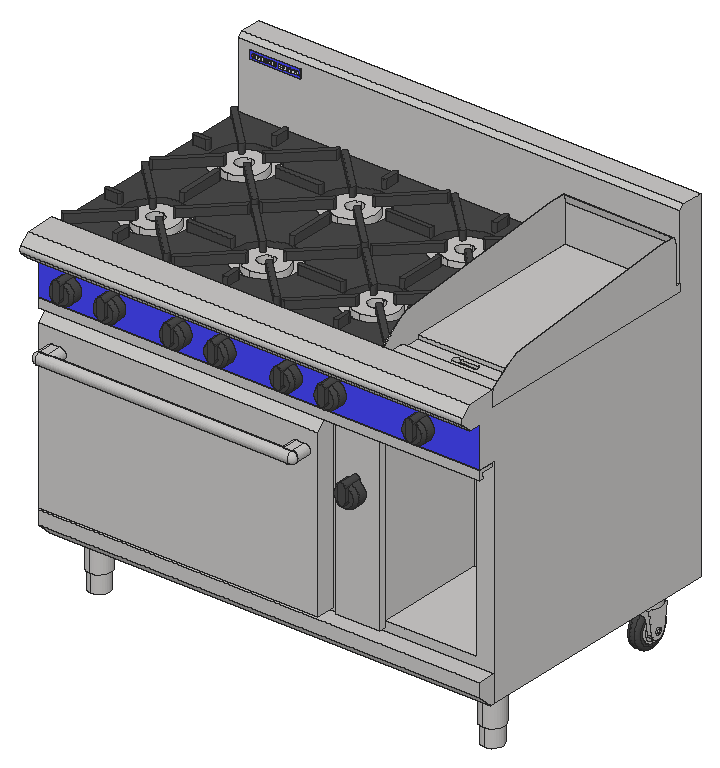
Revit family "QF_MOFFAT_BLUESEAL_CE_G508C", category Specialty Equipment, Revit 2012
Parameters
  Width = 1200 mm
  Weight in Pounds = 568
  URL Cutsheet = "www.moffat.com"
  URL = "www.moffat.com"
  Type Mark [instance] = ""
  Status [instance] = ""
  Specification by User [instance] = ""
  Specification by Manufacturer = ""
  Show Logo [instance] = yes
  Show Clearance [instance] = yes
  Show Casters [instance] = yes
  Serial Number = ""
  Seismic Rating = ""
  SMACNA No = ""
  Revision Code [instance] = ""
  Omniclass Number and Title = ""
  NAFEM Spec ID Number = ""
  Model = "G508C"
  Mechanical Remarks = ""
  Mechanical Connection Type [instance] = ""
  Masterspec = ""
  Manufacturer = "MOFFAT BLUESEAL"
  Legs [instance] = not(Show Casters)  # no
  Item Number [instance] = ""
  Installed By [instance] = ""
  Identify Quantity as Lot [instance] = yes
  Height = 970 mm
  Gas Size = 3/4"
  Gas RI Height [instance] = 0 mm
  Gas KW [instance] = 57
  Gas Input [instance] = 194500.0 Btu/h
  Gas Connection Height = 0 mm
  Furnished By [instance] = ""
  Foodservice Equipment Identifier [instance] = yes
  Description = "1200MM GAS RANGE WITH STATIC OVEN"
  Depth = 812 mm
  CSI MasterFormat = ""
  CSI Master Format = ""
  Body Finish = QF_Finishes_Stainless Steel
Reference planes
  plane 1 "BACK": y = 0
  plane 2: z = 0
  plane 3 "LEFT": x = 0
  plane 4 "RIGHT": x = 1200
  plane 5 "FRONT": y = -812
  plane 6 "TOP": z = 970
  plane 7 "Center Y": x = 600
  plane 8 "Center X": y = -406
  plane 9: x = 280
  plane 10: y = -574.272
  plane 11: x = 60
  plane 12: y = -304.972
  plane 13: y = -364.972
  plane 14: x = 74
  plane 15: y = -812
  plane 16: x = 1134.5
  plane 17: y = -32
  plane 18: z = 655
  plane 19: x = 65.5
  plane 20: x = 65.8
  plane 21: z = 1085
  plane 22: y = -705
Forms (mm)
  Extrusion 1, solid, material "QF_Finishes_Stainless Steel" <- "Body Finish"
    sketch origin (0, 0, 0) x (0, 1, 0) y (0, 0, 1)
      loop
        line (0, 150) -> (0, 1085) -> (-57.5, 1085) -> (-70, 1072.5) -> (-70, 875) -> (-705, 875) -> (-705, 915) -> (-783.97, 915) -> (-808.49, 890.48)
        arc (-808.49, 890.48) -> (-812.002, 882) -> (-808.49, 873.52) r 11.993
        line (-808.49, 873.52) -> (-784.97, 850) -> (-749, 850) -> (-749, 740) -> (-699, 740) -> (-699, 150) -> (0, 150)
      loop
        line (-749, 222.5) -> (-749, 186) -> (-713, 150) -> (-703.2, 150) -> (-703.2, 222.5) -> (-749, 222.5)
      loop
        line (-749, 713.781) -> (-740.224, 713.781) -> (-742.613, 730.781) -> (-707.93, 730.781) -> (-707.93, 737.784) -> (-749, 737.784) -> (-749, 713.781)
    from 0 to 1200
  Extrusion 2, solid, material "QF_Finishes_Stainless Steel"
    sketch origin (0, 7, 0) x (0, 1, 0) y (0, 0, 1)
      loop
        line (-706, 700) -> (-732, 700) -> (-756, 676) -> (-756, 227.5) -> (-706, 227.5) -> (-706, 700)
    from 0 to 760
  Extrusion 3, solid, material "QF_Finishes_Stainless Steel"
    sketch origin (723.5, 7, 0) x (0, 1, 0) y (0, 0, 1)
      loop
        line (-706, 700) -> (-721, 700) -> (-721, 227.5) -> (-706, 227.5) -> (-706, 700)
    from 56.898 to 176.5
  Revolve 4, solid, material "QF_Finishes_Stainless Steel" <- "Body Finish"
    sketch origin (1134.5, -696.126, 0) x (0, 1, 0) y (0, 0, -1)
      loop
        line (39.376, -150) -> (71.126, -150) -> (71.126, 0) -> (43.626, 0) -> (43.626, -50) -> (39.376, -50) -> (39.376, -150)
      axis (71.126, -150) -> (71.126, 0)
    angle from 0 to 360
  Revolve 5, solid, material "QF_Finishes_Stainless Steel" <- "Body Finish"
    sketch origin (65.5, -696.126, 0) x (0, 1, 0) y (0, 0, 1)
      loop
        line (39.376, 150) -> (39.376, 50) -> (43.626, 50) -> (43.626, 0) -> (71.126, 0) -> (71.126, 150) -> (39.376, 150)
      axis (71.126, 150) -> (71.126, 0)
    angle from 0 to 360
  Extrusion 6, solid, material "QF_Finishes_Stainless Steel"
    sketch origin (-64.5, 0, 325) x (1, 0, 0) y (0, 1, 0)
      loop
        circle (1134.5, -32) r 10
    from 330 to 374.856
  Extrusion 7, void
    sketch origin (0, -699, 150) x (0, 0, -1) y (-1, 0, 0)
      loop
        line (-529.781, -900) -> (-529.781, -1150) -> (-96, -1150) -> (-96, -900) -> (-529.781, -900)
    from 0 to 304.8
  Extrusion 8, solid, material "QF_Finishes_Black"
    sketch origin (0, -70, 875) x (0, -1, 0) y (1, 0, 0)
      loop
        arc (1, 4) -> (1.879, 1.879) -> (4, 1) r 3
        line (4, 1) -> (632, 1)
        arc (632, 1) -> (634.121, 1.879) -> (635, 4) r 3
        line (635, 4) -> (635, 897)
        arc (635, 897) -> (634.121, 899.121) -> (632, 900) r 3
        line (632, 900) -> (4, 900)
        arc (4, 900) -> (1.879, 899.121) -> (1, 897) r 3
        line (1, 897) -> (1, 4)
      loop
        circle (167.5, 150) r 85
      loop
        circle (167.5, 450) r 85
      loop
        circle (467.768, 150) r 85
      loop
        circle (467.768, 450) r 85
      loop
        circle (167.5, 750) r 85
      loop
        circle (467.768, 750) r 85
    from 0 to 19.5
  Extrusion 9, solid, material "QF_Finishes_Black"
    sketch origin (0, -70, 894.5) x (0, -1, 0) y (1, 0, 0)
      loop
        spline (327.102, 15.153) -> (326.181, 13.924) -> (325.631, 12.47) -> (325.49, 10.89) -> (325.767, 9.292) -> (326.443, 7.786) -> (327.473, 6.473) -> (328.786, 5.443) -> (330.292, 4.767) -> (331.89, 4.49) -> (333.47, 4.631) -> (334.924, 5.181) -> (336.153, 6.102)
        line (336.153, 6.102) -> (444.076, 114.025)
        spline (444.076, 114.025) -> (444.837, 115.095) -> (445.238, 116.399) -> (445.251, 117.851) -> (444.875, 119.35) -> (444.137, 120.795) -> (443.086, 122.086) -> (441.795, 123.137) -> (440.35, 123.875) -> (438.851, 124.251) -> (437.399, 124.238) -> (436.095, 123.837) -> (435.025, 123.076)
        line (435.025, 123.076) -> (327.102, 15.153)
      loop
        line (611.398, 15.153) -> (503.475, 123.076)
        spline (503.475, 123.076) -> (502.405, 123.837) -> (501.101, 124.238) -> (499.649, 124.251) -> (498.15, 123.875) -> (496.705, 123.137) -> (495.414, 122.086) -> (494.363, 120.795) -> (493.625, 119.35) -> (493.249, 117.851) -> (493.262, 116.399) -> (493.663, 115.095) -> (494.424, 114.025)
        line (494.424, 114.025) -> (602.347, 6.102)
        spline (602.347, 6.102) -> (603.416, 5.341) -> (604.721, 4.941) -> (606.172, 4.928) -> (607.671, 5.303) -> (609.116, 6.041) -> (610.408, 7.092) -> (611.459, 8.384) -> (612.197, 9.829) -> (612.572, 11.328) -> (612.559, 12.779) -> (612.159, 14.084) -> (611.398, 15.153)
      loop
        spline (379.102, 143.6) -> (380.396, 143.818) -> (381.602, 144.457) -> (382.638, 145.475) -> (383.432, 146.8) -> (383.932, 148.344) -> (384.102, 150) -> (383.932, 151.656) -> (383.432, 153.2) -> (382.638, 154.525) -> (381.602, 155.543) -> (380.396, 156.182) -> (379.102, 156.4)
        line (379.102, 156.4) -> (259.398, 156.4)
        spline (259.398, 156.4) -> (258.104, 156.182) -> (256.898, 155.543) -> (255.862, 154.525) -> (255.068, 153.2) -> (254.568, 151.656) -> (254.398, 150) -> (254.568, 148.344) -> (255.068, 146.8) -> (255.862, 145.475) -> (256.898, 144.457) -> (258.104, 143.818) -> (259.398, 143.6)
        line (259.398, 143.6) -> (379.102, 143.6)
      loop
        spline (23.602, 15.153) -> (22.681, 13.924) -> (22.131, 12.47) -> (21.99, 10.89) -> (22.267, 9.292) -> (22.943, 7.786) -> (23.973, 6.473) -> (25.286, 5.443) -> (26.792, 4.767) -> (28.39, 4.49) -> (29.97, 4.631) -> (31.424, 5.181) -> (32.653, 6.102)
        line (32.653, 6.102) -> (140.576, 114.025)
        spline (140.576, 114.025) -> (141.337, 115.095) -> (141.738, 116.399) -> (141.751, 117.851) -> (141.375, 119.35) -> (140.637, 120.795) -> (139.586, 122.086) -> (138.295, 123.137) -> (136.85, 123.875) -> (135.351, 124.251) -> (133.899, 124.238) -> (132.595, 123.837) -> (131.525, 123.076)
        line (131.525, 123.076) -> (23.602, 15.153)
      loop
        line (311.398, 15.153) -> (203.475, 123.076)
        spline (203.475, 123.076) -> (202.405, 123.837) -> (201.101, 124.238) -> (199.649, 124.251) -> (198.15, 123.875) -> (196.705, 123.137) -> (195.414, 122.086) -> (194.363, 120.795) -> (193.625, 119.35) -> (193.249, 117.851) -> (193.262, 116.399) -> (193.663, 115.095) -> (194.424, 114.025)
        line (194.424, 114.025) -> (302.347, 6.102)
        spline (302.347, 6.102) -> (303.416, 5.341) -> (304.721, 4.941) -> (306.172, 4.928) -> (307.671, 5.303) -> (309.116, 6.041) -> (310.408, 7.092) -> (311.459, 8.384) -> (312.197, 9.829) -> (312.572, 11.328) -> (312.559, 12.779) -> (312.159, 14.084) -> (311.398, 15.153)
      loop
        line (327.102, 284.847) -> (435.025, 176.924)
        spline (435.025, 176.924) -> (436.095, 176.163) -> (437.399, 175.762) -> (438.851, 175.749) -> (440.35, 176.125) -> (441.795, 176.863) -> (443.086, 177.914) -> (444.137, 179.205) -> (444.875, 180.65) -> (445.251, 182.149) -> (445.238, 183.601) -> (444.837, 184.905) -> (444.076, 185.975)
        line (444.076, 185.975) -> (336.153, 293.898)
        spline (336.153, 293.898) -> (334.924, 294.819) -> (333.47, 295.369) -> (331.89, 295.51) -> (330.292, 295.233) -> (328.786, 294.557) -> (327.473, 293.527) -> (326.443, 292.214) -> (325.767, 290.708) -> (325.49, 289.11) -> (325.631, 287.53) -> (326.181, 286.076) -> (327.102, 284.847)
      loop
        spline (611.398, 284.847) -> (612.159, 285.916) -> (612.559, 287.221) -> (612.572, 288.672) -> (612.197, 290.171) -> (611.459, 291.616) -> (610.408, 292.908) -> (609.116, 293.959) -> (607.671, 294.697) -> (606.172, 295.072) -> (604.721, 295.059) -> (603.416, 294.659) -> (602.347, 293.898)
        line (602.347, 293.898) -> (494.424, 185.975)
        spline (494.424, 185.975) -> (493.663, 184.905) -> (493.262, 183.601) -> (493.249, 182.149) -> (493.625, 180.65) -> (494.363, 179.205) -> (495.414, 177.914) -> (496.705, 176.863) -> (498.15, 176.125) -> (499.649, 175.749) -> (501.101, 175.762) -> (502.405, 176.163) -> (503.475, 176.924)
        line (503.475, 176.924) -> (611.398, 284.847)
      loop
        spline (461.1, 241.898) -> (461.318, 240.604) -> (461.957, 239.398) -> (462.975, 238.362) -> (464.3, 237.568) -> (465.844, 237.068) -> (467.5, 236.898) -> (469.156, 237.068) -> (470.7, 237.568) -> (472.025, 238.362) -> (473.043, 239.398) -> (473.682, 240.604) -> (473.9, 241.898)
        line (473.9, 241.898) -> (473.9, 358.102)
        spline (473.9, 358.102) -> (473.682, 359.396) -> (473.043, 360.602) -> (472.025, 361.638) -> (470.7, 362.432) -> (469.156, 362.932) -> (467.5, 363.102) -> (465.844, 362.932) -> (464.3, 362.432) -> (462.975, 361.638) -> (461.957, 360.602) -> (461.318, 359.396) -> (461.1, 358.102)
        line (461.1, 358.102) -> (461.1, 241.898)
      loop
        line (23.602, 284.847) -> (131.525, 176.924)
        spline (131.525, 176.924) -> (132.595, 176.163) -> (133.899, 175.762) -> (135.351, 175.749) -> (136.85, 176.125) -> (138.295, 176.863) -> (139.586, 177.914) -> (140.637, 179.205) -> (141.375, 180.65) -> (141.751, 182.149) -> (141.738, 183.601) -> (141.337, 184.905) -> (140.576, 185.975)
        line (140.576, 185.975) -> (32.653, 293.898)
        spline (32.653, 293.898) -> (31.424, 294.819) -> (29.97, 295.369) -> (28.39, 295.51) -> (26.792, 295.233) -> (25.286, 294.557) -> (23.973, 293.527) -> (22.943, 292.214) -> (22.267, 290.708) -> (21.99, 289.11) -> (22.131, 287.53) -> (22.681, 286.076) -> (23.602, 284.847)
      loop
        spline (311.398, 284.847) -> (312.159, 285.916) -> (312.559, 287.221) -> (312.572, 288.672) -> (312.197, 290.171) -> (311.459, 291.616) -> (310.408, 292.908) -> (309.116, 293.959) -> (307.671, 294.697) -> (306.172, 295.072) -> (304.721, 295.059) -> (303.416, 294.659) -> (302.347, 293.898)
        line (302.347, 293.898) -> (194.424, 185.975)
        spline (194.424, 185.975) -> (193.663, 184.905) -> (193.262, 183.601) -> (193.249, 182.149) -> (193.625, 180.65) -> (194.363, 179.205) -> (195.414, 177.914) -> (196.705, 176.863) -> (198.15, 176.125) -> (199.649, 175.749) -> (201.101, 175.762) -> (202.405, 176.163) -> (203.475, 176.924)
        line (203.475, 176.924) -> (311.398, 284.847)
      loop
        spline (161.1, 241.898) -> (161.318, 240.604) -> (161.957, 239.398) -> (162.975, 238.362) -> (164.3, 237.568) -> (165.844, 237.068) -> (167.5, 236.898) -> (169.156, 237.068) -> (170.7, 237.568) -> (172.025, 238.362) -> (173.043, 239.398) -> (173.682, 240.604) -> (173.9, 241.898)
        line (173.9, 241.898) -> (173.9, 358.102)
        spline (173.9, 358.102) -> (173.682, 359.396) -> (173.043, 360.602) -> (172.025, 361.638) -> (170.7, 362.432) -> (169.156, 362.932) -> (167.5, 363.102) -> (165.844, 362.932) -> (164.3, 362.432) -> (162.975, 361.638) -> (161.957, 360.602) -> (161.318, 359.396) -> (161.1, 358.102)
        line (161.1, 358.102) -> (161.1, 241.898)
      loop
        line (379.102, 456.4) -> (259.398, 456.4)
        spline (259.398, 456.4) -> (258.104, 456.182) -> (256.898, 455.543) -> (255.862, 454.525) -> (255.068, 453.2) -> (254.568, 451.656) -> (254.398, 450) -> (254.568, 448.344) -> (255.068, 446.8) -> (255.862, 445.475) -> (256.898, 444.457) -> (258.104, 443.818) -> (259.398, 443.6)
        line (259.398, 443.6) -> (379.102, 443.6)
        spline (379.102, 443.6) -> (380.396, 443.818) -> (381.602, 444.457) -> (382.638, 445.475) -> (383.432, 446.8) -> (383.932, 448.344) -> (384.102, 450) -> (383.932, 451.656) -> (383.432, 453.2) -> (382.638, 454.525) -> (381.602, 455.543) -> (380.396, 456.182) -> (379.102, 456.4)
      loop
        spline (327.102, 315.153) -> (326.181, 313.924) -> (325.631, 312.47) -> (325.49, 310.89) -> (325.767, 309.292) -> (326.443, 307.786) -> (327.473, 306.473) -> (328.786, 305.443) -> (330.292, 304.767) -> (331.89, 304.49) -> (333.47, 304.631) -> (334.924, 305.181) -> (336.153, 306.102)
        line (336.153, 306.102) -> (444.076, 414.025)
        spline (444.076, 414.025) -> (444.837, 415.095) -> (445.238, 416.399) -> (445.251, 417.851) -> (444.875, 419.35) -> (444.137, 420.795) -> (443.086, 422.086) -> (441.795, 423.137) -> (440.35, 423.875) -> (438.851, 424.251) -> (437.399, 424.238) -> (436.095, 423.837) -> (435.025, 423.076)
        line (435.025, 423.076) -> (327.102, 315.153)
      loop
        line (611.398, 315.153) -> (503.475, 423.076)
        spline (503.475, 423.076) -> (502.405, 423.837) -> (501.101, 424.238) -> (499.649, 424.251) -> (498.15, 423.875) -> (496.705, 423.137) -> (495.414, 422.086) -> (494.363, 420.795) -> (493.625, 419.35) -> (493.249, 417.851) -> (493.262, 416.399) -> (493.663, 415.095) -> (494.424, 414.025)
        line (494.424, 414.025) -> (602.347, 306.102)
        spline (602.347, 306.102) -> (603.416, 305.341) -> (604.721, 304.941) -> (606.172, 304.928) -> (607.671, 305.303) -> (609.116, 306.041) -> (610.408, 307.092) -> (611.459, 308.384) -> (612.197, 309.829) -> (612.572, 311.328) -> (612.559, 312.779) -> (612.159, 314.084) -> (611.398, 315.153)
      loop
        spline (23.602, 315.153) -> (22.681, 313.924) -> (22.131, 312.47) -> (21.99, 310.89) -> (22.267, 309.292) -> (22.943, 307.786) -> (23.973, 306.473) -> (25.286, 305.443) -> (26.792, 304.767) -> (28.39, 304.49) -> (29.97, 304.631) -> (31.424, 305.181) -> (32.653, 306.102)
        line (32.653, 306.102) -> (140.576, 414.025)
        spline (140.576, 414.025) -> (141.337, 415.095) -> (141.738, 416.399) -> (141.751, 417.851) -> (141.375, 419.35) -> (140.637, 420.795) -> (139.586, 422.086) -> (138.295, 423.137) -> (136.85, 423.875) -> (135.351, 424.251) -> (133.899, 424.238) -> (132.595, 423.837) -> (131.525, 423.076)
        line (131.525, 423.076) -> (23.602, 315.153)
      loop
        line (311.398, 315.153) -> (203.475, 423.076)
        spline (203.475, 423.076) -> (202.405, 423.837) -> (201.101, 424.238) -> (199.649, 424.251) -> (198.15, 423.875) -> (196.705, 423.137) -> (195.414, 422.086) -> (194.363, 420.795) -> (193.625, 419.35) -> (193.249, 417.851) -> (193.262, 416.399) -> (193.663, 415.095) -> (194.424, 414.025)
        line (194.424, 414.025) -> (302.347, 306.102)
        spline (302.347, 306.102) -> (303.416, 305.341) -> (304.721, 304.941) -> (306.172, 304.928) -> (307.671, 305.303) -> (309.116, 306.041) -> (310.408, 307.092) -> (311.459, 308.384) -> (312.197, 309.829) -> (312.572, 311.328) -> (312.559, 312.779) -> (312.159, 314.084) -> (311.398, 315.153)
      loop
        line (327.102, 584.847) -> (435.025, 476.924)
        spline (435.025, 476.924) -> (436.095, 476.163) -> (437.399, 475.762) -> (438.851, 475.749) -> (440.35, 476.125) -> (441.795, 476.863) -> (443.086, 477.914) -> (444.137, 479.205) -> (444.875, 480.65) -> (445.251, 482.149) -> (445.238, 483.601) -> (444.837, 484.905) -> (444.076, 485.975)
        line (444.076, 485.975) -> (336.153, 593.898)
        spline (336.153, 593.898) -> (334.924, 594.819) -> (333.47, 595.369) -> (331.89, 595.51) -> (330.292, 595.233) -> (328.786, 594.557) -> (327.473, 593.527) -> (326.443, 592.214) -> (325.767, 590.708) -> (325.49, 589.11) -> (325.631, 587.53) -> (326.181, 586.076) -> (327.102, 584.847)
      loop
        spline (611.398, 584.847) -> (612.159, 585.916) -> (612.559, 587.221) -> (612.572, 588.672) -> (612.197, 590.171) -> (611.459, 591.616) -> (610.408, 592.908) -> (609.116, 593.959) -> (607.671, 594.697) -> (606.172, 595.072) -> (604.721, 595.059) -> (603.416, 594.659) -> (602.347, 593.898)
        line (602.347, 593.898) -> (494.424, 485.975)
        spline (494.424, 485.975) -> (493.663, 484.905) -> (493.262, 483.601) -> (493.249, 482.149) -> (493.625, 480.65) -> (494.363, 479.205) -> (495.414, 477.914) -> (496.705, 476.863) -> (498.15, 476.125) -> (499.649, 475.749) -> (501.101, 475.762) -> (502.405, 476.163) -> (503.475, 476.924)
        line (503.475, 476.924) -> (611.398, 584.847)
      loop
        line (23.602, 584.847) -> (131.525, 476.924)
        spline (131.525, 476.924) -> (132.595, 476.163) -> (133.899, 475.762) -> (135.351, 475.749) -> (136.85, 476.125) -> (138.295, 476.863) -> (139.586, 477.914) -> (140.637, 479.205) -> (141.375, 480.65) -> (141.751, 482.149) -> (141.738, 483.601) -> (141.337, 484.905) -> (140.576, 485.975)
        line (140.576, 485.975) -> (32.653, 593.898)
        spline (32.653, 593.898) -> (31.424, 594.819) -> (29.97, 595.369) -> (28.39, 595.51) -> (26.792, 595.233) -> (25.286, 594.557) -> (23.973, 593.527) -> (22.943, 592.214) -> (22.267, 590.708) -> (21.99, 589.11) -> (22.131, 587.53) -> (22.681, 586.076) -> (23.602, 584.847)
      loop
        spline (311.398, 584.847) -> (312.159, 585.916) -> (312.559, 587.221) -> (312.572, 588.672) -> (312.197, 590.171) -> (311.459, 591.616) -> (310.408, 592.908) -> (309.116, 593.959) -> (307.671, 594.697) -> (306.172, 595.072) -> (304.721, 595.059) -> (303.416, 594.659) -> (302.347, 593.898)
        line (302.347, 593.898) -> (194.424, 485.975)
        spline (194.424, 485.975) -> (193.663, 484.905) -> (193.262, 483.601) -> (193.249, 482.149) -> (193.625, 480.65) -> (194.363, 479.205) -> (195.414, 477.914) -> (196.705, 476.863) -> (198.15, 476.125) -> (199.649, 475.749) -> (201.101, 475.762) -> (202.405, 476.163) -> (203.475, 476.924)
        line (203.475, 476.924) -> (311.398, 584.847)
      loop
        spline (461.1, 541.898) -> (461.318, 540.604) -> (461.957, 539.398) -> (462.975, 538.362) -> (464.3, 537.568) -> (465.844, 537.068) -> (467.5, 536.898) -> (469.156, 537.068) -> (470.7, 537.568) -> (472.025, 538.362) -> (473.043, 539.398) -> (473.682, 540.604) -> (473.9, 541.898)
        line (473.9, 541.898) -> (473.9, 658.102)
        spline (473.9, 658.102) -> (473.682, 659.396) -> (473.043, 660.602) -> (472.025, 661.638) -> (470.7, 662.432) -> (469.156, 662.932) -> (467.5, 663.102) -> (465.844, 662.932) -> (464.3, 662.432) -> (462.975, 661.638) -> (461.957, 660.602) -> (461.318, 659.396) -> (461.1, 658.102)
        line (461.1, 658.102) -> (461.1, 541.898)
      loop
        spline (161.1, 541.898) -> (161.318, 540.604) -> (161.957, 539.398) -> (162.975, 538.362) -> (164.3, 537.568) -> (165.844, 537.068) -> (167.5, 536.898) -> (169.156, 537.068) -> (170.7, 537.568) -> (172.025, 538.362) -> (173.043, 539.398) -> (173.682, 540.604) -> (173.9, 541.898)
        line (173.9, 541.898) -> (173.9, 658.102)
        spline (173.9, 658.102) -> (173.682, 659.396) -> (173.043, 660.602) -> (172.025, 661.638) -> (170.7, 662.432) -> (169.156, 662.932) -> (167.5, 663.102) -> (165.844, 662.932) -> (164.3, 662.432) -> (162.975, 661.638) -> (161.957, 660.602) -> (161.318, 659.396) -> (161.1, 658.102)
        line (161.1, 658.102) -> (161.1, 541.898)
      loop
        line (379.102, 756.4) -> (259.398, 756.4)
        spline (259.398, 756.4) -> (258.104, 756.182) -> (256.898, 755.543) -> (255.862, 754.525) -> (255.068, 753.2) -> (254.568, 751.656) -> (254.398, 750) -> (254.568, 748.344) -> (255.068, 746.8) -> (255.862, 745.475) -> (256.898, 744.457) -> (258.104, 743.818) -> (259.398, 743.6)
        line (259.398, 743.6) -> (379.102, 743.6)
        spline (379.102, 743.6) -> (380.396, 743.818) -> (381.602, 744.457) -> (382.638, 745.475) -> (383.432, 746.8) -> (383.932, 748.344) -> (384.102, 750) -> (383.932, 751.656) -> (383.432, 753.2) -> (382.638, 754.525) -> (381.602, 755.543) -> (380.396, 756.182) -> (379.102, 756.4)
      loop
        spline (327.102, 615.153) -> (326.181, 613.924) -> (325.631, 612.47) -> (325.49, 610.89) -> (325.767, 609.292) -> (326.443, 607.786) -> (327.473, 606.473) -> (328.786, 605.443) -> (330.292, 604.767) -> (331.89, 604.49) -> (333.47, 604.631) -> (334.924, 605.181) -> (336.153, 606.102)
        line (336.153, 606.102) -> (444.076, 714.025)
        spline (444.076, 714.025) -> (444.837, 715.095) -> (445.238, 716.399) -> (445.251, 717.851) -> (444.875, 719.35) -> (444.137, 720.795) -> (443.086, 722.086) -> (441.795, 723.137) -> (440.35, 723.875) -> (438.851, 724.251) -> (437.399, 724.238) -> (436.095, 723.837) -> (435.025, 723.076)
        line (435.025, 723.076) -> (327.102, 615.153)
      loop
        line (611.398, 615.153) -> (503.475, 723.076)
        spline (503.475, 723.076) -> (502.405, 723.837) -> (501.101, 724.238) -> (499.649, 724.251) -> (498.15, 723.875) -> (496.705, 723.137) -> (495.414, 722.086) -> (494.363, 720.795) -> (493.625, 719.35) -> (493.249, 717.851) -> (493.262, 716.399) -> (493.663, 715.095) -> (494.424, 714.025)
        line (494.424, 714.025) -> (602.347, 606.102)
        spline (602.347, 606.102) -> (603.416, 605.341) -> (604.721, 604.941) -> (606.172, 604.928) -> (607.671, 605.303) -> (609.116, 606.041) -> (610.408, 607.092) -> (611.459, 608.384) -> (612.197, 609.829) -> (612.572, 611.328) -> (612.559, 612.779) -> (612.159, 614.084) -> (611.398, 615.153)
      loop
        spline (23.602, 615.153) -> (22.681, 613.924) -> (22.131, 612.47) -> (21.99, 610.89) -> (22.267, 609.292) -> (22.943, 607.786) -> (23.973, 606.473) -> (25.286, 605.443) -> (26.792, 604.767) -> (28.39, 604.49) -> (29.97, 604.631) -> (31.424, 605.181) -> (32.653, 606.102)
        line (32.653, 606.102) -> (140.576, 714.025)
        spline (140.576, 714.025) -> (141.337, 715.095) -> (141.738, 716.399) -> (141.751, 717.851) -> (141.375, 719.35) -> (140.637, 720.795) -> (139.586, 722.086) -> (138.295, 723.137) -> (136.85, 723.875) -> (135.351, 724.251) -> (133.899, 724.238) -> (132.595, 723.837) -> (131.525, 723.076)
        line (131.525, 723.076) -> (23.602, 615.153)
      loop
        line (311.398, 615.153) -> (203.475, 723.076)
        spline (203.475, 723.076) -> (202.405, 723.837) -> (201.101, 724.238) -> (199.649, 724.251) -> (198.15, 723.875) -> (196.705, 723.137) -> (195.414, 722.086) -> (194.363, 720.795) -> (193.625, 719.35) -> (193.249, 717.851) -> (193.262, 716.399) -> (193.663, 715.095) -> (194.424, 714.025)
        line (194.424, 714.025) -> (302.347, 606.102)
        spline (302.347, 606.102) -> (303.416, 605.341) -> (304.721, 604.941) -> (306.172, 604.928) -> (307.671, 605.303) -> (309.116, 606.041) -> (310.408, 607.092) -> (311.459, 608.384) -> (312.197, 609.829) -> (312.572, 611.328) -> (312.559, 612.779) -> (312.159, 614.084) -> (311.398, 615.153)
      loop
        line (327.102, 884.847) -> (435.025, 776.924)
        spline (435.025, 776.924) -> (436.095, 776.163) -> (437.399, 775.762) -> (438.851, 775.749) -> (440.35, 776.125) -> (441.795, 776.863) -> (443.086, 777.914) -> (444.137, 779.205) -> (444.875, 780.65) -> (445.251, 782.149) -> (445.238, 783.601) -> (444.837, 784.905) -> (444.076, 785.975)
        line (444.076, 785.975) -> (336.153, 893.898)
        spline (336.153, 893.898) -> (334.924, 894.819) -> (333.47, 895.369) -> (331.89, 895.51) -> (330.292, 895.233) -> (328.786, 894.557) -> (327.473, 893.527) -> (326.443, 892.214) -> (325.767, 890.708) -> (325.49, 889.11) -> (325.631, 887.53) -> (326.181, 886.076) -> (327.102, 884.847)
      loop
        spline (611.398, 884.847) -> (612.159, 885.916) -> (612.559, 887.221) -> (612.572, 888.672) -> (612.197, 890.171) -> (611.459, 891.616) -> (610.408, 892.908) -> (609.116, 893.959) -> (607.671, 894.697) -> (606.172, 895.072) -> (604.721, 895.059) -> (603.416, 894.659) -> (602.347, 893.898)
        line (602.347, 893.898) -> (494.424, 785.975)
        spline (494.424, 785.975) -> (493.663, 784.905) -> (493.262, 783.601) -> (493.249, 782.149) -> (493.625, 780.65) -> (494.363, 779.205) -> (495.414, 777.914) -> (496.705, 776.863) -> (498.15, 776.125) -> (499.649, 775.749) -> (501.101, 775.762) -> (502.405, 776.163) -> (503.475, 776.924)
        line (503.475, 776.924) -> (611.398, 884.847)
      loop
        line (23.602, 884.847) -> (131.525, 776.924)
        spline (131.525, 776.924) -> (132.595, 776.163) -> (133.899, 775.762) -> (135.351, 775.749) -> (136.85, 776.125) -> (138.295, 776.863) -> (139.586, 777.914) -> (140.637, 779.205) -> (141.375, 780.65) -> (141.751, 782.149) -> (141.738, 783.601) -> (141.337, 784.905) -> (140.576, 785.975)
        line (140.576, 785.975) -> (32.653, 893.898)
        spline (32.653, 893.898) -> (31.424, 894.819) -> (29.97, 895.369) -> (28.39, 895.51) -> (26.792, 895.233) -> (25.286, 894.557) -> (23.973, 893.527) -> (22.943, 892.214) -> (22.267, 890.708) -> (21.99, 889.11) -> (22.131, 887.53) -> (22.681, 886.076) -> (23.602, 884.847)
      loop
        spline (311.398, 884.847) -> (312.159, 885.916) -> (312.559, 887.221) -> (312.572, 888.672) -> (312.197, 890.171) -> (311.459, 891.616) -> (310.408, 892.908) -> (309.116, 893.959) -> (307.671, 894.697) -> (306.172, 895.072) -> (304.721, 895.059) -> (303.416, 894.659) -> (302.347, 893.898)
        line (302.347, 893.898) -> (194.424, 785.975)
        spline (194.424, 785.975) -> (193.663, 784.905) -> (193.262, 783.601) -> (193.249, 782.149) -> (193.625, 780.65) -> (194.363, 779.205) -> (195.414, 777.914) -> (196.705, 776.863) -> (198.15, 776.125) -> (199.649, 775.749) -> (201.101, 775.762) -> (202.405, 776.163) -> (203.475, 776.924)
        line (203.475, 776.924) -> (311.398, 884.847)
      loop
        spline (473.9, 891.872) -> (473.682, 893.166) -> (473.043, 894.372) -> (472.025, 895.407) -> (470.7, 896.202) -> (469.156, 896.701) -> (467.5, 896.872) -> (465.844, 896.701) -> (464.3, 896.202) -> (462.975, 895.407) -> (461.957, 894.372) -> (461.318, 893.166) -> (461.1, 891.872)
        line (461.1, 891.872) -> (461.1, 841.898)
        spline (461.1, 841.898) -> (461.318, 840.604) -> (461.957, 839.398) -> (462.975, 838.362) -> (464.3, 837.568) -> (465.844, 837.068) -> (467.5, 836.898) -> (469.156, 837.068) -> (470.7, 837.568) -> (472.025, 838.362) -> (473.043, 839.398) -> (473.682, 840.604) -> (473.9, 841.898)
        line (473.9, 841.898) -> (473.9, 891.872)
      loop
        spline (173.9, 891.872) -> (173.682, 893.166) -> (173.043, 894.372) -> (172.025, 895.407) -> (170.7, 896.202) -> (169.156, 896.701) -> (167.5, 896.872) -> (165.844, 896.701) -> (164.3, 896.202) -> (162.975, 895.407) -> (161.957, 894.372) -> (161.318, 893.166) -> (161.1, 891.872)
        line (161.1, 891.872) -> (161.1, 841.898)
        spline (161.1, 841.898) -> (161.318, 840.604) -> (161.957, 839.398) -> (162.975, 838.362) -> (164.3, 837.568) -> (165.844, 837.068) -> (167.5, 836.898) -> (169.156, 837.068) -> (170.7, 837.568) -> (172.025, 838.362) -> (173.043, 839.398) -> (173.682, 840.604) -> (173.9, 841.898)
        line (173.9, 841.898) -> (173.9, 891.872)
      loop
        spline (65.602, 143.6) -> (66.896, 143.818) -> (68.102, 144.457) -> (69.138, 145.475) -> (69.932, 146.8) -> (70.432, 148.344) -> (70.602, 150) -> (70.432, 151.656) -> (69.932, 153.2) -> (69.138, 154.525) -> (68.102, 155.543) -> (66.896, 156.182) -> (65.602, 156.4)
        line (65.602, 156.4) -> (29.398, 156.4)
        spline (29.398, 156.4) -> (28.104, 156.182) -> (26.898, 155.543) -> (25.862, 154.525) -> (25.068, 153.2) -> (24.568, 151.656) -> (24.398, 150) -> (24.568, 148.344) -> (25.068, 146.8) -> (25.862, 145.475) -> (26.898, 144.457) -> (28.104, 143.818) -> (29.398, 143.6)
        line (29.398, 143.6) -> (65.602, 143.6)
      loop
        spline (65.602, 443.6) -> (66.896, 443.818) -> (68.102, 444.457) -> (69.138, 445.475) -> (69.932, 446.8) -> (70.432, 448.344) -> (70.602, 450) -> (70.432, 451.656) -> (69.932, 453.2) -> (69.138, 454.525) -> (68.102, 455.543) -> (66.896, 456.182) -> (65.602, 456.4)
        line (65.602, 456.4) -> (29.398, 456.4)
        spline (29.398, 456.4) -> (28.104, 456.182) -> (26.898, 455.543) -> (25.862, 454.525) -> (25.068, 453.2) -> (24.568, 451.656) -> (24.398, 450) -> (24.568, 448.344) -> (25.068, 446.8) -> (25.862, 445.475) -> (26.898, 444.457) -> (28.104, 443.818) -> (29.398, 443.6)
        line (29.398, 443.6) -> (65.602, 443.6)
      loop
        spline (65.602, 743.6) -> (66.896, 743.818) -> (68.102, 744.457) -> (69.138, 745.475) -> (69.932, 746.8) -> (70.432, 748.344) -> (70.602, 750) -> (70.432, 751.656) -> (69.932, 753.2) -> (69.138, 754.525) -> (68.102, 755.543) -> (66.896, 756.182) -> (65.602, 756.4)
        line (65.602, 756.4) -> (29.398, 756.4)
        spline (29.398, 756.4) -> (28.104, 756.182) -> (26.898, 755.543) -> (25.862, 754.525) -> (25.068, 753.2) -> (24.568, 751.656) -> (24.398, 750) -> (24.568, 748.344) -> (25.068, 746.8) -> (25.862, 745.475) -> (26.898, 744.457) -> (28.104, 743.818) -> (29.398, 743.6)
        line (29.398, 743.6) -> (65.602, 743.6)
      loop
        spline (605.602, 143.6) -> (606.896, 143.818) -> (608.102, 144.457) -> (609.138, 145.475) -> (609.932, 146.8) -> (610.432, 148.344) -> (610.602, 150) -> (610.432, 151.656) -> (609.932, 153.2) -> (609.138, 154.525) -> (608.102, 155.543) -> (606.896, 156.182) -> (605.602, 156.4)
        line (605.602, 156.4) -> (569.398, 156.4)
        spline (569.398, 156.4) -> (568.104, 156.182) -> (566.898, 155.543) -> (565.862, 154.525) -> (565.068, 153.2) -> (564.568, 151.656) -> (564.398, 150) -> (564.568, 148.344) -> (565.068, 146.8) -> (565.862, 145.475) -> (566.898, 144.457) -> (568.104, 143.818) -> (569.398, 143.6)
        line (569.398, 143.6) -> (605.602, 143.6)
      loop
        spline (605.602, 443.6) -> (606.896, 443.818) -> (608.102, 444.457) -> (609.138, 445.475) -> (609.932, 446.8) -> (610.432, 448.344) -> (610.602, 450) -> (610.432, 451.656) -> (609.932, 453.2) -> (609.138, 454.525) -> (608.102, 455.543) -> (606.896, 456.182) -> (605.602, 456.4)
        line (605.602, 456.4) -> (569.398, 456.4)
        spline (569.398, 456.4) -> (568.104, 456.182) -> (566.898, 455.543) -> (565.862, 454.525) -> (565.068, 453.2) -> (564.568, 451.656) -> (564.398, 450) -> (564.568, 448.344) -> (565.068, 446.8) -> (565.862, 445.475) -> (566.898, 444.457) -> (568.104, 443.818) -> (569.398, 443.6)
        line (569.398, 443.6) -> (605.602, 443.6)
      loop
        spline (605.602, 743.6) -> (606.896, 743.818) -> (608.102, 744.457) -> (609.138, 745.475) -> (609.932, 746.8) -> (610.432, 748.344) -> (610.602, 750) -> (610.432, 751.656) -> (609.932, 753.2) -> (609.138, 754.525) -> (608.102, 755.543) -> (606.896, 756.182) -> (605.602, 756.4)
        line (605.602, 756.4) -> (569.398, 756.4)
        spline (569.398, 756.4) -> (568.104, 756.182) -> (566.898, 755.543) -> (565.862, 754.525) -> (565.068, 753.2) -> (564.568, 751.656) -> (564.398, 750) -> (564.568, 748.344) -> (565.068, 746.8) -> (565.862, 745.475) -> (566.898, 744.457) -> (568.104, 743.818) -> (569.398, 743.6)
        line (569.398, 743.6) -> (605.602, 743.6)
      loop
        line (460.626, 50.584) -> (460.626, 16.591)
        spline (460.626, 16.591) -> (460.844, 15.297) -> (461.483, 14.091) -> (462.501, 13.055) -> (463.826, 12.261) -> (465.37, 11.761) -> (467.026, 11.591) -> (468.682, 11.761) -> (470.226, 12.261) -> (471.551, 13.055) -> (472.569, 14.091) -> (473.208, 15.297) -> (473.426, 16.591)
        line (473.426, 16.591) -> (473.426, 50.584)
        spline (473.426, 50.584) -> (473.208, 51.878) -> (472.569, 53.084) -> (471.551, 54.119) -> (470.226, 54.914) -> (468.682, 55.413) -> (467.026, 55.584) -> (465.37, 55.413) -> (463.826, 54.914) -> (462.501, 54.119) -> (461.483, 53.084) -> (460.844, 51.878) -> (460.626, 50.584)
      loop
        line (160.11, 50.584) -> (160.11, 16.591)
        spline (160.11, 16.591) -> (160.328, 15.297) -> (160.967, 14.091) -> (161.984, 13.055) -> (163.31, 12.261) -> (164.853, 11.761) -> (166.51, 11.591) -> (168.166, 11.761) -> (169.71, 12.261) -> (171.035, 13.055) -> (172.052, 14.091) -> (172.692, 15.297) -> (172.91, 16.591)
        line (172.91, 16.591) -> (172.91, 50.584)
        spline (172.91, 50.584) -> (172.692, 51.878) -> (172.052, 53.084) -> (171.035, 54.119) -> (169.71, 54.914) -> (168.166, 55.413) -> (166.51, 55.584) -> (164.853, 55.413) -> (163.31, 54.914) -> (161.984, 54.119) -> (160.967, 53.084) -> (160.328, 51.878) -> (160.11, 50.584)
    from 0 to 23.5
  Revolve 10, solid, material "QF_Finishes_Black"
    sketch origin (810.601, 45.874, -0.118) x (0, 1, 0) y (0, 0, 1)
      loop
        line (-827.874, 829.5) -> (-838.874, 823.651) -> (-838.874, 797) -> (-794.874, 797) -> (-794.874, 802) -> (-804.874, 802) -> (-804.874, 829.5) -> (-827.874, 829.5)
      axis (-838.874, 797) -> (-794.874, 797)
    angle from 0 to 360
  Revolve 11, solid, material "QF_Finishes_Black"
    sketch origin (690.601, 45.874, -0.118) x (0, 1, 0) y (0, 0, 1)
      loop
        line (-827.874, 829.5) -> (-838.874, 823.651) -> (-838.874, 797) -> (-794.874, 797) -> (-794.874, 802) -> (-804.874, 802) -> (-804.874, 829.5) -> (-827.874, 829.5)
      axis (-838.874, 797) -> (-794.874, 797)
    angle from 0 to 360
  Revolve 12, solid, material "QF_Finishes_Black"
    sketch origin (90.649, 45.874, -0.118) x (0, 1, 0) y (0, 0, -1)
      loop
        line (-827.874, -829.5) -> (-804.874, -829.5) -> (-804.874, -802) -> (-794.874, -802) -> (-794.874, -797) -> (-838.874, -797) -> (-838.874, -823.651) -> (-827.874, -829.5)
      axis (-838.874, -797) -> (-794.874, -797)
    angle from 0 to 360
  Revolve 13, solid, material "QF_Finishes_Black"
    sketch origin (210.649, 45.874, -0.118) x (0, 1, 0) y (0, 0, -1)
      loop
        line (-827.874, -829.5) -> (-804.874, -829.5) -> (-804.874, -802) -> (-794.874, -802) -> (-794.874, -797) -> (-838.874, -797) -> (-838.874, -823.651) -> (-827.874, -829.5)
      axis (-838.874, -797) -> (-794.874, -797)
    angle from 0 to 360
  Revolve 14, solid, material "QF_Finishes_Black"
    sketch origin (390.625, 45.874, -0.118) x (0, 1, 0) y (0, 0, -1)
      loop
        line (-827.874, -829.5) -> (-804.874, -829.5) -> (-804.874, -802) -> (-794.874, -802) -> (-794.874, -797) -> (-838.874, -797) -> (-838.874, -823.651) -> (-827.874, -829.5)
      axis (-838.874, -797) -> (-794.874, -797)
    angle from 0 to 360
  Revolve 15, solid, material "QF_Finishes_Black"
    sketch origin (510.625, 45.874, -0.118) x (0, 1, 0) y (0, 0, -1)
      loop
        line (-827.874, -829.5) -> (-804.874, -829.5) -> (-804.874, -802) -> (-794.874, -802) -> (-794.874, -797) -> (-838.874, -797) -> (-838.874, -823.651) -> (-827.874, -829.5)
      axis (-838.874, -797) -> (-794.874, -797)
    angle from 0 to 360
  Revolve 16, solid, material "QF_Finishes_Black"
    sketch origin (1050, 45.874, -0.118) x (0, 1, 0) y (0, 0, 1)
      loop
        line (-827.874, 829.5) -> (-838.874, 823.651) -> (-838.874, 797) -> (-794.874, 797) -> (-794.874, 802) -> (-804.874, 802) -> (-804.874, 829.5) -> (-827.874, 829.5)
      axis (-838.874, 797) -> (-794.874, 797)
    angle from 0 to 360
  Extrusion 17, solid, material "QF_Finishes_Black"
    sketch origin (238.456, 7, -0.118) x (-1, 0, 0) y (0, 0, -1)
      loop
        arc (158.3, -789) -> (148.3, -779) -> (138.3, -789) r 10
        line (138.3, -789) -> (138.3, -824)
        arc (138.3, -824) -> (148.3, -834) -> (158.3, -824) r 10
        line (158.3, -824) -> (158.3, -789)
    from 759 to 808
  Extrusion 18, solid, material "QF_Finishes_Black"
    sketch origin (358.456, 7, -0.118) x (-1, 0, 0) y (0, 0, -1)
      loop
        arc (158.3, -789) -> (148.3, -779) -> (138.3, -789) r 10
        line (138.3, -789) -> (138.3, -824)
        arc (138.3, -824) -> (148.3, -834) -> (158.3, -824) r 10
        line (158.3, -824) -> (158.3, -789)
    from 759 to 808
  Extrusion 19, solid, material "QF_Finishes_Black"
    sketch origin (538.432, 7, -0.118) x (-1, 0, 0) y (0, 0, -1)
      loop
        arc (158.3, -789) -> (148.3, -779) -> (138.3, -789) r 10
        line (138.3, -789) -> (138.3, -824)
        arc (138.3, -824) -> (148.3, -834) -> (158.3, -824) r 10
        line (158.3, -824) -> (158.3, -789)
    from 759 to 808
  Extrusion 20, solid, material "QF_Finishes_Black"
    sketch origin (658.432, 7, -0.118) x (-1, 0, 0) y (0, 0, -1)
      loop
        arc (158.3, -789) -> (148.3, -779) -> (138.3, -789) r 10
        line (138.3, -789) -> (138.3, -824)
        arc (138.3, -824) -> (148.3, -834) -> (158.3, -824) r 10
        line (158.3, -824) -> (158.3, -789)
    from 759 to 808
  Extrusion 21, solid, material "QF_Finishes_Black"
    sketch origin (838.408, 7, -0.118) x (-1, 0, 0) y (0, 0, -1)
      loop
        arc (158.3, -789) -> (148.3, -779) -> (138.3, -789) r 10
        line (138.3, -789) -> (138.3, -824)
        arc (138.3, -824) -> (148.3, -834) -> (158.3, -824) r 10
        line (158.3, -824) -> (158.3, -789)
    from 759 to 808
  Extrusion 22, solid, material "QF_Finishes_Black"
    sketch origin (958.408, 7, -0.118) x (-1, 0, 0) y (0, 0, -1)
      loop
        arc (158.3, -789) -> (148.3, -779) -> (138.3, -789) r 10
        line (138.3, -789) -> (138.3, -824)
        arc (138.3, -824) -> (148.3, -834) -> (158.3, -824) r 10
        line (158.3, -824) -> (158.3, -789)
    from 759 to 808
  Extrusion 23, solid, material "QF_Finishes_Black"
    sketch origin (1197.807, 7, -0.118) x (-1, 0, 0) y (0, 0, -1)
      loop
        arc (158.3, -789) -> (148.3, -779) -> (138.3, -789) r 10
        line (138.3, -789) -> (138.3, -824)
        arc (138.3, -824) -> (148.3, -834) -> (158.3, -824) r 10
        line (158.3, -824) -> (158.3, -789)
    from 759 to 808
  Revolve 24, solid, material "QF_Finishes_Black"
    sketch origin (836.851, 80.874, -246.368) x (0, 1, 0) y (0, 0, 1)
      loop
        line (-827.874, 829.5) -> (-838.874, 823.651) -> (-838.874, 797) -> (-794.874, 797) -> (-794.874, 802) -> (-804.874, 802) -> (-804.874, 829.5) -> (-827.874, 829.5)
      axis (-838.874, 797) -> (-794.874, 797)
    angle from 0 to 360
  Extrusion 25, solid, material "QF_Finishes_Black"
    sketch origin (389.044, 42, -246.368) x (1, 0, 0) y (0, 0, 1)
      loop
        line (458.3, 789) -> (458.3, 824)
        arc (458.3, 824) -> (448.3, 834) -> (438.3, 824) r 10
        line (438.3, 824) -> (438.3, 789)
        arc (438.3, 789) -> (448.3, 779) -> (458.3, 789) r 10
    from 759 to 808
  Extrusion 26, solid, material "QF_Door-Drawer Clearances", visible <- "Show Clearance", detail levels coarse
    sketch origin (760, 7, 0) x (0, 1, 0) y (0, 0, 1)
      loop
        arc (-756, 697.347) -> (-1088.232, 559.732) -> (-1225.847, 227.5) r 469.847
        line (-1225.847, 227.5) -> (-756, 227.5) -> (-756, 697.347)
    from 0 to -760
  Extrusion 27, void
    sketch origin (0, 0, 150) x (-1, 0, 0) y (0, -1, 0)
      loop
        line (-1133.988, 87.26) -> (-1133.988, -30.24) -> (-1004.488, -30.24) -> (-1004.488, 38.76) -> (-1052.988, 87.26) -> (-1133.988, 87.26)
    from 72.5 to 549.856
  Extrusion 28, solid, material "QF_Finishes_Stainless Steel"
    sketch origin (0, -749, 227.5) x (0, 0, 1) y (-1, 0, 0)
      loop
        line (380.625, -38.246) -> (380.625, -58.528)
        arc (380.625, -58.528) -> (395.625, -73.528) -> (410.625, -58.528) r 15
        line (410.625, -58.528) -> (410.625, -38.246)
        arc (410.625, -38.246) -> (395.625, -23.246) -> (380.625, -38.246) r 15
      loop
        arc (380.625, -723.039) -> (395.625, -738.039) -> (410.625, -723.039) r 15
        line (410.625, -723.039) -> (410.625, -702.757)
        arc (410.625, -702.757) -> (395.625, -687.757) -> (380.625, -702.757) r 15
        line (380.625, -702.757) -> (380.625, -723.039)
    from 0 to 44
  Revolve 29, solid, material "QF_Finishes_Stainless Steel"
    sketch origin (0, -793, 0) x (1, 0, 0) y (0, 0, 1)
      loop
        arc (738.039, 623.125) -> (733.646, 633.732) -> (723.039, 638.125) r 15
        line (723.039, 638.125) -> (38.246, 638.125)
        arc (38.246, 638.125) -> (27.64, 633.732) -> (23.246, 623.125) r 15
        line (23.246, 623.125) -> (738.039, 623.125)
      axis (738.039, 623.125) -> (23.246, 623.125)
    angle from 0 to 360
  Extrusion 30, solid, material "QF_Finishes_Stainless Steel"
    sketch origin (0, -70, 875) x (0, -1, 0) y (1, 0, 0)
      loop
        circle (167.5, 450) r 57
      loop
        circle (467.5, 450) r 57
      loop
        circle (467.5, 150) r 57
      loop
        circle (167.5, 150) r 57
      loop
        circle (467.5, 750) r 57
      loop
        circle (167.5, 750) r 57
      loop
        circle (467.5, 150) r 22
      loop
        circle (467.5, 450) r 22
      loop
        circle (467.5, 750) r 22
      loop
        circle (167.5, 750) r 22
      loop
        circle (167.5, 450) r 22
      loop
        circle (167.5, 150) r 22
    from 0 to 19.5
  Extrusion 31, solid, material "QF_Finishes_Stainless Steel", visible <- "Show Casters"
    sketch origin (71.501, 133.353, -8.783) x (0, 1, 0) y (0, 0, 1)
      loop
        line (-201.603, 118.783) -> (-265.103, 118.783) -> (-252.746, 53.895)
        arc (-252.746, 53.895) -> (-233.353, 38.783) -> (-213.959, 53.895) r 20
        line (-213.959, 53.895) -> (-201.603, 118.783)
    from -35.667 to 22.923
  Revolve 32, solid, material "QF_Finishes_Stainless Steel", visible <- "Show Casters"
    sketch origin (65, -203, 0) x (0, 1, 0) y (0, 0, 1)
      loop
        line (67.25, 150) -> (67.25, 110) -> (103, 110) -> (103, 150) -> (67.25, 150)
      axis (103, 150) -> (103, 110)
    angle from 0 to 360
  Revolve 33, solid, material "QF_Finishes_Stainless Steel", visible <- "Show Casters"
    sketch origin (1134.5, -203, 0) x (0, 1, 0) y (0, 0, -1)
      loop
        line (67.25, -150) -> (103, -150) -> (103, -110) -> (67.25, -110) -> (67.25, -150)
      axis (103, -150) -> (103, -110)
    angle from 0 to 360
  Revolve 34, solid, material "QF_Finishes_Stainless Steel", visible <- "Show Casters"
    sketch origin (1085.276, -99.755, -13.653) x (1, 0, 0) y (0, 0, 1)
      loop
        line (14.841, 64.453) -> (83.584, 64.453) -> (83.584, 67.958) -> (82.314, 69.228) -> (80.79, 69.228) -> (80.79, 72.674) -> (68.644, 72.674) -> (68.644, 82.639) -> (65.088, 84.692) -> (63.738, 93.028) -> (65.881, 93.028) -> (65.881, 99.378) -> (65.088, 99.378) -> (65.088, 105.728)
        arc (65.088, 105.728) -> (62.298, 112.463) -> (55.563, 115.253) r 9.525
        line (55.563, 115.253) -> (42.863, 115.253)
        arc (42.863, 115.253) -> (36.127, 112.463) -> (33.338, 105.728) r 9.525
        line (33.338, 105.728) -> (33.338, 99.378) -> (32.544, 99.378) -> (32.544, 93.028) -> (34.687, 93.028) -> (33.352, 84.781) -> (29.782, 82.719) -> (29.782, 72.674) -> (17.635, 72.674) -> (17.635, 69.228) -> (16.111, 69.228) -> (14.841, 67.958) -> (14.841, 64.453)
      axis (14.841, 64.453) -> (83.584, 64.453)
    angle from 0 to 360
  Extrusion 35, solid, material "QF_Finishes_Stainless Steel", visible <- "Show Casters"
    sketch origin (1141.001, 133.353, -8.783) x (0, 1, 0) y (0, 0, 1)
      loop
        line (-201.603, 118.783) -> (-265.103, 118.783) -> (-252.746, 53.895)
        arc (-252.746, 53.895) -> (-233.353, 38.783) -> (-213.959, 53.895) r 20
        line (-213.959, 53.895) -> (-201.603, 118.783)
    from -35.667 to 22.923
  Revolve 36, solid, material "QF_Finishes_Stainless Steel", visible <- "Legs"
    sketch origin (65, -165, 0) x (0, 1, 0) y (0, 0, 1)
      loop
        line (33.25, 150) -> (33.25, 50) -> (37.5, 50) -> (37.5, 0) -> (65, 0) -> (65, 150) -> (33.25, 150)
      axis (65, 150) -> (65, 0)
    angle from 0 to 360
  Revolve 37, solid, material "QF_Finishes_Stainless Steel", visible <- "Legs"
    sketch origin (1134.5, -165, 0) x (0, 1, 0) y (0, 0, -1)
      loop
        line (33.25, -150) -> (65, -150) -> (65, 0) -> (37.5, 0) -> (37.5, -50) -> (33.25, -50) -> (33.25, -150)
      axis (65, -150) -> (65, 0)
    angle from 0 to 360
  Revolve 38, solid, material "QF_Finishes_Stainless Steel", visible <- "Show Casters"
    sketch origin (114.224, -99.755, -13.653) x (-1, 0, 0) y (0, 0, -1)
      loop
        line (14.841, -64.453) -> (14.841, -67.958) -> (16.111, -69.228) -> (17.635, -69.228) -> (17.635, -72.674) -> (29.782, -72.674) -> (29.782, -82.719) -> (33.352, -84.781) -> (34.687, -93.028) -> (32.544, -93.028) -> (32.544, -99.378) -> (33.338, -99.378) -> (33.338, -105.728)
        arc (33.338, -105.728) -> (36.127, -112.463) -> (42.863, -115.253) r 9.525
        line (42.863, -115.253) -> (55.563, -115.253)
        arc (55.563, -115.253) -> (62.298, -112.463) -> (65.088, -105.728) r 9.525
        line (65.088, -105.728) -> (65.088, -99.378) -> (65.881, -99.378) -> (65.881, -93.028) -> (63.738, -93.028) -> (65.088, -84.692) -> (68.644, -82.639) -> (68.644, -72.674) -> (80.79, -72.674) -> (80.79, -69.228) -> (82.314, -69.228) -> (83.584, -67.958) -> (83.584, -64.453) -> (14.841, -64.453)
      axis (14.841, -64.453) -> (83.584, -64.453)
    angle from 0 to 360
Cuts and joins
  Extrusion 7, Extrusion 27 cuts Extrusion 1
Lines and regions (mm)
  Split face 1
    outline origin (1200, 0, 1085) x (-1, 0, 0) y (0, -1, 0)
      loop
        arc (935.206, 45.185) -> (926.545, 40.185) -> (926.545, 30.185) r 10
        line (926.545, 30.185) -> (930.587, 23.185)
        arc (930.587, 23.185) -> (934.247, 19.525) -> (939.247, 18.185) r 10
        line (939.247, 18.185) -> (1167.206, 18.185)
        arc (1167.206, 18.185) -> (1175.866, 23.185) -> (1175.866, 33.185) r 10
        line (1175.866, 33.185) -> (1171.824, 40.185)
        arc (1171.824, 40.185) -> (1168.164, 43.845) -> (1163.164, 45.185) r 10
        line (1163.164, 45.185) -> (935.206, 45.185)
  Split face 2
    outline origin (1200, 0, 1085) x (-1, 0, 0) y (0, -1, 0)
      loop
        arc (635.206, 45.185) -> (626.545, 40.185) -> (626.545, 30.185) r 10
        line (626.545, 30.185) -> (630.587, 23.185)
        arc (630.587, 23.185) -> (634.247, 19.525) -> (639.247, 18.185) r 10
        line (639.247, 18.185) -> (867.206, 18.185)
        arc (867.206, 18.185) -> (875.866, 23.185) -> (875.866, 33.185) r 10
        line (875.866, 33.185) -> (871.824, 40.185)
        arc (871.824, 40.185) -> (868.164, 43.845) -> (863.164, 45.185) r 10
        line (863.164, 45.185) -> (635.206, 45.185)
  Split face 3
    outline origin (1200, 0, 1085) x (-1, 0, 0) y (0, -1, 0)
      loop
        arc (335.206, 45.185) -> (326.545, 40.185) -> (326.545, 30.185) r 10
        line (326.545, 30.185) -> (330.587, 23.185)
        arc (330.587, 23.185) -> (334.247, 19.525) -> (339.247, 18.185) r 10
        line (339.247, 18.185) -> (567.206, 18.185)
        arc (567.206, 18.185) -> (575.866, 23.185) -> (575.866, 33.185) r 10
        line (575.866, 33.185) -> (571.824, 40.185)
        arc (571.824, 40.185) -> (568.164, 43.845) -> (563.164, 45.185) r 10
        line (563.164, 45.185) -> (335.206, 45.185)
  Split face 4
    outline origin (1200, 0, 1085) x (-1, 0, 0) y (0, -1, 0)
      loop
        arc (35.206, 45.185) -> (26.545, 40.185) -> (26.545, 30.185) r 10
        line (26.545, 30.185) -> (30.587, 23.185)
        arc (30.587, 23.185) -> (34.247, 19.525) -> (39.247, 18.185) r 10
        line (39.247, 18.185) -> (267.206, 18.185)
        arc (267.206, 18.185) -> (275.866, 23.185) -> (275.866, 33.185) r 10
        line (275.866, 33.185) -> (271.824, 40.185)
        arc (271.824, 40.185) -> (268.164, 43.845) -> (263.164, 45.185) r 10
        line (263.164, 45.185) -> (35.206, 45.185)
  symbolic lines
    curve 1: line (0, 0, 0) -> (0, -812, 0)
    curve 2: line (1200, 0, 0) -> (0, 0, 0)
    curve 3: line (1200, -812, 0) -> (1200, 0, 0)
    curve 4: line (0, -70, 0) -> (1200, -70, 0)
    curve 5: line (1200, -812, 0) -> (0, -812, 0)
    curve 6: line (1200, -708.3, 0) -> (0, -708.3, 0)
    curve 7: line (0, -705, 0) -> (1200, -705, 0)
    curve 8: line (1200, -72.734, 0) -> (0, -72.734, 0)
    curve 9: arc (22.65, -812, 0) -> (34.104, -822.278, 0) -> (48.889, -826.544, 0) r 34.455
    curve 10: line (48.889, -826.544, 0) -> (718.108, -826.544, 0)
    curve 11: arc (718.108, -826.544, 0) -> (732.653, -822.647, 0) -> (743.3, -812, 0) r 29.089
    curve 12: line (6.08, -94.387, 0) -> (121.515, -209.822, 0)
    curve 13: line (293.92, -94.387, 0) -> (178.485, -209.822, 0)
    curve 14: line (6.83, -379.864, 0) -> (121.515, -265.178, 0)
    curve 15: line (292.516, -379.21, 0) -> (178.485, -265.178, 0)
    curve 16: line (362.78, -237.81, 0) -> (237.78, -237.81, 0)
    curve 17: line (362.78, -537.81, 0) -> (237.78, -537.81, 0)
    curve 18: line (6.08, -398.155, 0) -> (121.515, -510.089, 0)
    curve 19: line (293.92, -398.155, 0) -> (178.485, -510.089, 0)
    curve 20: line (9.883, -677.078, 0) -> (121.515, -565.446, 0)
    curve 21: line (291.622, -678.583, 0) -> (178.485, -565.446, 0)
    curve 22: arc (150, -294.5, 0) -> (207, -237.5, 0) -> (150, -180.5, 0) r 57
    curve 23: arc (150, -180.5, 0) -> (93, -237.5, 0) -> (150, -294.5, 0) r 57
    curve 24: arc (150, -594.5, 0) -> (207, -537.5, 0) -> (150, -480.5, 0) r 57
    curve 25: arc (150, -480.5, 0) -> (93, -537.5, 0) -> (150, -594.5, 0) r 57
    curve 26: line (306.08, -94.387, 0) -> (421.515, -209.822, 0)
    curve 27: line (593.92, -94.387, 0) -> (478.485, -209.822, 0)
    curve 28: line (307.269, -379.424, 0) -> (421.515, -265.178, 0)
    curve 29: line (592.673, -379.366, 0) -> (478.485, -265.178, 0)
    curve 30: line (662.78, -237.81, 0) -> (537.78, -237.81, 0)
    curve 31: arc (450, -294.5, 0) -> (507, -237.5, 0) -> (450, -180.5, 0) r 57
    curve 32: arc (450, -180.5, 0) -> (393, -237.5, 0) -> (450, -294.5, 0) r 57
    curve 33: arc (750, -294.5, 0) -> (807, -237.5, 0) -> (750, -180.5, 0) r 57
    curve 34: arc (750, -180.5, 0) -> (693, -237.5, 0) -> (750, -294.5, 0) r 57
    curve 35: line (606.08, -94.387, 0) -> (721.515, -209.822, 0)
    curve 36: line (893.92, -94.387, 0) -> (778.485, -209.822, 0)
    curve 37: line (607.348, -379.345, 0) -> (721.515, -265.178, 0)
    curve 38: line (893.92, -380.613, 0) -> (778.485, -265.178, 0)
    curve 39: line (896.307, -237.81, 0) -> (837.78, -237.81, 0)
    curve 40: line (306.08, -398.155, 0) -> (421.515, -510.089, 0)
    curve 41: line (593.92, -398.155, 0) -> (478.485, -510.089, 0)
    curve 42: line (308.378, -678.583, 0) -> (421.515, -565.446, 0)
    curve 43: line (593.555, -680.516, 0) -> (478.485, -565.446, 0)
    curve 44: line (606.08, -398.155, 0) -> (721.515, -510.089, 0)
    curve 45: line (893.92, -398.155, 0) -> (778.485, -510.089, 0)
    curve 46: line (607.19, -679.771, 0) -> (721.515, -565.446, 0)
    curve 47: line (893.088, -680.05, 0) -> (778.485, -565.446, 0)
    curve 48: line (149.618, -450.258, 0) -> (149.618, -325.258, 0)
    curve 49: line (449.618, -450.258, 0) -> (449.618, -325.258, 0)
    curve 50: line (749.618, -450.258, 0) -> (749.618, -325.258, 0)
    curve 51: line (662.78, -537.81, 0) -> (537.78, -537.81, 0)
    curve 52: line (896.417, -537.81, 0) -> (837.78, -537.81, 0)
    curve 53: line (149.197, -139.807, 0) -> (149.197, -94.807, 0)
    curve 54: line (149.197, -674.807, 0) -> (149.197, -634.807, 0)
    curve 55: line (449.197, -139.807, 0) -> (449.197, -94.807, 0)
    curve 56: line (449.197, -674.807, 0) -> (449.197, -634.807, 0)
    curve 57: line (749.197, -139.807, 0) -> (749.197, -94.807, 0)
    curve 58: line (749.197, -674.807, 0) -> (749.197, -634.807, 0)
    curve 59: line (49.678, -236.51, 0) -> (14.678, -236.51, 0)
    curve 60: line (49.678, -536.51, 0) -> (14.678, -536.51, 0)
    curve 61: arc (450, -594.5, 0) -> (507, -537.5, 0) -> (450, -480.5, 0) r 57
    curve 62: arc (450, -480.5, 0) -> (393, -537.5, 0) -> (450, -594.5, 0) r 57
    curve 63: arc (750, -480.5, 0) -> (693, -537.5, 0) -> (750, -594.5, 0) r 57
    curve 64: arc (750, -594.5, 0) -> (807, -537.5, 0) -> (750, -480.5, 0) r 57
    curve 68: arc (150, -322.5, 0) -> (65, -237.5, 0) -> (150, -152.5, 0) r 85
    curve 69: arc (150, -152.5, 0) -> (235, -237.5, 0) -> (150, -322.5, 0) r 85
    curve 70: arc (450, -322.5, 0) -> (365, -237.5, 0) -> (450, -152.5, 0) r 85
    curve 71: arc (450, -152.5, 0) -> (535, -237.5, 0) -> (450, -322.5, 0) r 85
    curve 72: arc (150, -452.768, 0) -> (235, -537.768, 0) -> (150, -622.768, 0) r 85
    curve 73: arc (150, -622.768, 0) -> (65, -537.768, 0) -> (150, -452.768, 0) r 85
    curve 74: arc (450, -622.768, 0) -> (365, -537.768, 0) -> (450, -452.768, 0) r 85
    curve 75: arc (450, -452.768, 0) -> (535, -537.768, 0) -> (450, -622.768, 0) r 85
    curve 76: arc (750, -322.5, 0) -> (665, -237.5, 0) -> (750, -152.5, 0) r 85
    curve 77: arc (750, -152.5, 0) -> (835, -237.5, 0) -> (750, -322.5, 0) r 85
    curve 78: arc (750, -452.768, 0) -> (835, -537.768, 0) -> (750, -622.768, 0) r 85
    curve 79: arc (750, -622.768, 0) -> (665, -537.768, 0) -> (750, -452.768, 0) r 85
    curve 80: line (300.232, -72.734, 0) -> (300.232, -705, 0)
    curve 81: line (0, -390.308, 0) -> (900, -390.308, 0)
    curve 82: line (600, -72.734, 0) -> (600, -705, 0)
    curve 83: line (900, -72.734, 0) -> (900, -705, 0)
    curve 84: arc (150, -215.5, 0) -> (172, -237.5, 0) -> (150, -259.5, 0) r 22
    curve 85: arc (150, -259.5, 0) -> (128, -237.5, 0) -> (150, -215.5, 0) r 22
    curve 86: arc (450, -215.5, 0) -> (472, -237.5, 0) -> (450, -259.5, 0) r 22
    curve 87: arc (450, -259.5, 0) -> (428, -237.5, 0) -> (450, -215.5, 0) r 22
    curve 88: arc (750, -215.5, 0) -> (772, -237.5, 0) -> (750, -259.5, 0) r 22
    curve 89: arc (750, -259.5, 0) -> (728, -237.5, 0) -> (750, -215.5, 0) r 22
    curve 90: arc (150, -515.5, 0) -> (172, -537.5, 0) -> (150, -559.5, 0) r 22
    curve 91: arc (150, -559.5, 0) -> (128, -537.5, 0) -> (150, -515.5, 0) r 22
    curve 92: arc (450, -515.5, 0) -> (472, -537.5, 0) -> (450, -559.5, 0) r 22
    curve 93: arc (450, -559.5, 0) -> (428, -537.5, 0) -> (450, -515.5, 0) r 22
    curve 94: arc (750, -515.5, 0) -> (772, -537.5, 0) -> (750, -559.5, 0) r 22
    curve 95: arc (750, -559.5, 0) -> (728, -537.5, 0) -> (750, -515.5, 0) r 22
    curve 96: line (1160.753, -18.185, 0) -> (932.794, -18.185, 0)
    curve 97: arc (932.794, -18.185, 0) -> (924.134, -23.185, 0) -> (924.134, -33.185, 0) r 10
    curve 98: line (924.134, -33.185, 0) -> (928.176, -40.185, 0)
    curve 99: arc (928.176, -40.185, 0) -> (931.836, -43.845, 0) -> (936.836, -45.185, 0) r 10
    curve 100: line (936.836, -45.185, 0) -> (1164.794, -45.185, 0)
    curve 101: arc (1164.794, -45.185, 0) -> (1173.455, -40.185, 0) -> (1173.455, -30.185, 0) r 10
    curve 102: line (1173.455, -30.185, 0) -> (1169.413, -23.185, 0)
    curve 103: arc (1169.413, -23.185, 0) -> (1165.753, -19.525, 0) -> (1160.753, -18.185, 0) r 10
    curve 104: line (632.794, -18.185, 0) -> (860.753, -18.185, 0)
    curve 105: arc (860.753, -18.185, 0) -> (865.753, -19.525, 0) -> (869.413, -23.185, 0) r 10
    curve 106: line (869.413, -23.185, 0) -> (873.455, -30.185, 0)
    curve 107: arc (873.455, -30.185, 0) -> (873.455, -40.185, 0) -> (864.794, -45.185, 0) r 10
    curve 108: line (864.794, -45.185, 0) -> (636.836, -45.185, 0)
    curve 109: arc (636.836, -45.185, 0) -> (631.836, -43.845, 0) -> (628.176, -40.185, 0) r 10
    curve 110: line (628.176, -40.185, 0) -> (624.134, -33.185, 0)
    curve 111: arc (624.134, -33.185, 0) -> (624.134, -23.185, 0) -> (632.794, -18.185, 0) r 10
    curve 112: line (332.794, -18.185, 0) -> (560.753, -18.185, 0)
    curve 113: arc (560.753, -18.185, 0) -> (565.753, -19.525, 0) -> (569.413, -23.185, 0) r 10
    curve 114: line (569.413, -23.185, 0) -> (573.455, -30.185, 0)
    curve 115: arc (573.455, -30.185, 0) -> (573.455, -40.185, 0) -> (564.794, -45.185, 0) r 10
    curve 116: line (564.794, -45.185, 0) -> (336.836, -45.185, 0)
